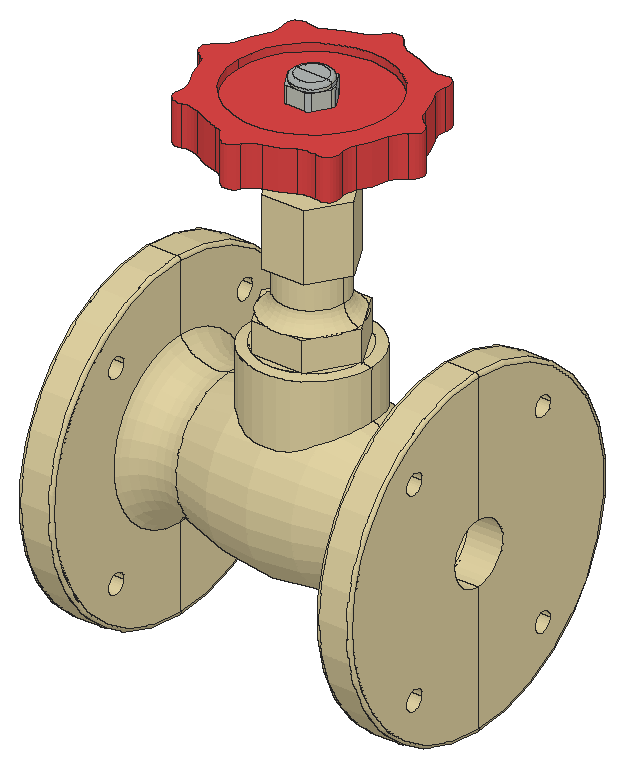
Revit family "DA04170000", category Apparecchi idraulici, Revit 2020
Family settings
  Quota connettore circolare = Usa diametro
  Tipo di parte = Normale
  Numero OmniClass = 23.45.00.00
  Titolo OmniClass = Sanitary, Laundry, and Cleaning Equipment
  Basato su piano di lavoro = No
  Sempre verticale = Sì
  Taglio con vuoti quando caricato = No
  Condiviso = No
  Punto di calcolo locali = No
Parameters
  URL = "https://web.cimberio.com/index.php/figura/11?subcategoria_id="
  Temperatura di esercizio = "-10 ÷ 170°C"
  Prospetto di default = 0 mm
  Produttore = "CIMBERIO SPA"
  Pressione nominale = "PN 16"
  Modello = "Cim *76PN6"
  Materiale = "Prodotto in lega di ottone conforme alla norma EN 12165-CW617N-DW"
  Descrizione = "Utilizzato nei più svariati settori dell’impiantistica ed in ogni applicazione industriale ed agricola dove è richiesta una regolazione: impianti di riscaldamento, idrici, igienico sanitari, aria compressa, reti di distribuzione vapore saturo, olii, benzine, petrolio ed altri idrocarburi e in generale con ogni fluido non corrosivo"
  DN Model [instance] = DA04173110 : DA04173110
  DN [instance] = 16 mm
  Commenti sul tipo = "Realizzato in ottemperanza ai requisiti gestionali della norma EN ISO 9001.\r\nCollaudato al 100% secondo la normativa EN 12266-1"
Reference planes
  plane 1 "Centro (Fronte/Retro)": y = 0
  plane 2: z = 0
  plane 3 "Centro (Sinistra/Destra)": x = 0
Dimensions and locks
  aligned and locked: level to plane 2
Nested families
  nested 1: "DA04173110" at (0, 0, 0), type <- "DN Model", type "DA04173110"
  nested 2: "DA04173110" at (0, 0, 0), type <- "DN Model", type "DA04173110"
  nested 3: "DA04173110" at (0, 0, 0), type <- "DN Model", type "DA04173110"
  nested 4: "DA04173110" at (0, 0, 0), type <- "DN Model", type "DA04173110"
  nested 5: "DA04173110" at (0, 0, 0), type <- "DN Model", type "DA04173110"
  nested 6: "DA04173110" at (0, 0, 0), type <- "DN Model", type "DA04173110"
  nested 7: "DA04173110" at (0, 0, 0), type <- "DN Model", type "DA04173110"
  nested 8: "DA04173110" at (0, 0, 0), type <- "DN Model", type "DA04173110"
  nested 9: "DA04173110" at (0, 0, 0), type <- "DN Model", type "DA04173110"
Connectors
  piping at (41.407, 0, 0), diameter 16, driven by "DN"
    settings: on nested 1, index 1, connector inside diameter 609.6 mm, connector length 0 mm, flow factor 0, pipe flow 0.0 L/s, pressure drop 0.0 Pa, fitting loss kfactor 0, connector angle 0.00°, fixture units 0, engagement length 0 mm, angle of deflection 0.00°, flow configuration 0, flow direction 0, fitting loss method 0, system type 7, joint type 0, gender type 0, connector reference index -1, connector utility 0, adjustable connector no, is connector primary yes, connector description ""
  piping at (-41.232, 0, 0), diameter 16, driven by "DN"
    settings: on nested 1, index 2, connector inside diameter 609.6 mm, connector length 0 mm, flow factor 0, pipe flow 0.0 L/s, pressure drop 0.0 Pa, fitting loss kfactor 0, connector angle 0.00°, fixture units 0, engagement length 0 mm, angle of deflection 0.00°, flow configuration 0, flow direction 0, fitting loss method 0, system type 7, joint type 0, gender type 0, connector reference index -1, connector utility 0, adjustable connector no, is connector primary no, connector description ""
Definition of nested family "DA04173110"
  Parameters (values of type "DA04173110")
    Default Elevation = 0 mm
  Reference planes
    plane 1 "Centro (Fronte/Retro)": y = 0
    plane 2: z = 0
    plane 3 "Centro (Sinistra/Destra)": x = 0
  Forms (mm)
    Revolve 1, solid
      sketch origin (0, 0, 0) x (1, 0, 0) y (0, 0, 1)
        loop
          line (33.343, -7.5) -> (-32.983, -7.5) -> (-32.983, -19.288)
          arc (-32.983, -19.288) -> (-27.734, -14.585) -> (-20.687, -14.614) r 9.811
          arc (-20.687, -14.614) -> (0, -18.5) -> (20.687, -14.614) r 57
          arc (20.687, -14.614) -> (28.136, -14.748) -> (33.343, -20.077) r 9.811
          line (33.343, -20.077) -> (33.343, -7.5)
        axis (-32.983, 2) -> (33.343, 2)
      angle from 0 to 360
    Revolve 2, solid
      sketch origin (0, 0, 0) x (1, 0, 0) y (0, 0, 1)
        loop
          line (-15, 4.172) -> (0, 4.172) -> (0, 32.573) -> (-12.5, 32.573) -> (-15, 32.132) -> (-15, 4.172)
        axis (0, 32.573) -> (0, 4.172)
      angle from 0 to 360
    Extrusion 3, solid
      sketch origin (0, 0, 0) x (0, -1, 0) y (1, 0, 0)
        loop
          line (0, 12.5) -> (-10.825, 6.25) -> (-10.825, -6.25) -> (0, -12.5) -> (10.825, -6.25) -> (10.825, 6.25) -> (0, 12.5)
      from 32.132 to 39.804
    Revolve 4, solid
      sketch origin (0, 0, 3.5) x (1, 0, 0) y (0, 0, 1)
        loop
          line (0, 47.5) -> (-7.95, 47.5) -> (-8.019, 40.572)
          arc (-8.019, 40.572) -> (-9.032, 37.961) -> (-11.29, 36.304) r 5
          line (-11.29, 36.304) -> (0, 36.304) -> (0, 47.5)
        axis (0, 47.5) -> (0, 36.304)
      angle from 0 to 360
    Extrusion 5, solid
      sketch origin (0, 0, 0) x (0, -1, 0) y (1, 0, 0)
        loop
          line (0, -10.4) -> (9.007, -5.2) -> (9.007, 5.2) -> (0, 10.4) -> (-9.007, 5.2) -> (-9.007, -5.2) -> (0, -10.4)
      from 51 to 67.5
    Revolve 6, solid
      sketch origin (0, 0, 12.019) x (1, 0, 0) y (0, 0, 1)
        loop
          line (-8.5, 67) -> (-8.5, 65.001)
          arc (-8.5, 65.001) -> (-8.353, 64.647) -> (-7.999, 64.5) r 0.501
          line (-7.999, 64.5) -> (-4, 64.5) -> (-4, 52.626) -> (0, 52.626) -> (0, 67) -> (-8.5, 67)
        axis (0, 67) -> (0, 52.626)
      angle from 0 to 360
    Extrusion 7, solid
      sketch origin (0, 0, 9.019) x (0.98263, 0.185575, 0) y (-0.185575, 0.98263, 0)
        loop
          spline (-12.624, 22.54) -> (-13.213, 22.77) -> (-13.791, 22.909) -> (-14.346, 22.954) -> (-14.868, 22.904) -> (-15.347, 22.761) -> (-15.773, 22.527) -> (-16.139, 22.206) -> (-16.438, 21.805) -> (-16.663, 21.332) -> (-16.81, 20.794) -> (-16.877, 20.204) -> (-16.863, 19.572)
          arc (-16.863, 19.572) -> (-17.081, 17.552) -> (-18.08, 15.783) r 5.029
          arc (-18.08, 15.783) -> (-20.241, 12.895) -> (-21.945, 9.716) r 24
          arc (-21.945, 9.716) -> (-23.126, 8.063) -> (-24.865, 7.011) r 5.029
          spline (-24.865, 7.011) -> (-25.444, 6.757) -> (-25.951, 6.447) -> (-26.375, 6.086) -> (-26.709, 5.682) -> (-26.946, 5.242) -> (-27.082, 4.775) -> (-27.114, 4.29) -> (-27.042, 3.795) -> (-26.866, 3.301) -> (-26.591, 2.817) -> (-26.221, 2.352) -> (-25.763, 1.916)
          arc (-25.763, 1.916) -> (-24.489, 0.333) -> (-23.945, -1.624) r 5.029
          arc (-23.945, -1.624) -> (-23.431, -5.195) -> (-22.388, -8.648) r 24
          arc (-22.388, -8.648) -> (-22.054, -10.652) -> (-22.54, -12.624) r 5.029
          spline (-22.54, -12.624) -> (-22.77, -13.213) -> (-22.909, -13.791) -> (-22.954, -14.346) -> (-22.904, -14.868) -> (-22.761, -15.347) -> (-22.527, -15.773) -> (-22.206, -16.139) -> (-21.805, -16.438) -> (-21.332, -16.663) -> (-20.794, -16.81) -> (-20.204, -16.877) -> (-19.572, -16.863)
          arc (-19.572, -16.863) -> (-17.552, -17.081) -> (-15.783, -18.08) r 5.029
          arc (-15.783, -18.08) -> (-12.895, -20.241) -> (-9.716, -21.945) r 24
          arc (-9.716, -21.945) -> (-8.081, -23.106) -> (-7.03, -24.813) r 5.029
          spline (-7.03, -24.813) -> (-6.779, -25.402) -> (-6.471, -25.918) -> (-6.111, -26.351) -> (-5.706, -26.693) -> (-5.265, -26.937) -> (-4.795, -27.079) -> (-4.307, -27.115) -> (-3.809, -27.045) -> (-3.312, -26.871) -> (-2.824, -26.595) -> (-2.356, -26.223) -> (-1.916, -25.763)
          arc (-1.916, -25.763) -> (-0.333, -24.489) -> (1.624, -23.945) r 5.029
          arc (1.624, -23.945) -> (5.195, -23.431) -> (8.648, -22.388) r 24
          arc (8.648, -22.388) -> (10.624, -22.053) -> (12.575, -22.516) r 5.029
          spline (12.575, -22.516) -> (13.172, -22.757) -> (13.759, -22.903) -> (14.323, -22.954) -> (14.854, -22.907) -> (15.341, -22.764) -> (15.773, -22.527) -> (16.144, -22.201) -> (16.445, -21.793) -> (16.671, -21.31) -> (16.816, -20.763) -> (16.879, -20.161) -> (16.858, -19.518)
          arc (16.858, -19.518) -> (17.089, -17.526) -> (18.08, -15.783) r 5.029
          arc (18.08, -15.783) -> (20.241, -12.895) -> (21.945, -9.716) r 24
          arc (21.945, -9.716) -> (23.106, -8.081) -> (24.813, -7.03) r 5.029
          spline (24.813, -7.03) -> (25.406, -6.777) -> (25.924, -6.466) -> (26.359, -6.103) -> (26.701, -5.694) -> (26.944, -5.249) -> (27.082, -4.775) -> (27.114, -4.283) -> (27.038, -3.781) -> (26.856, -3.281) -> (26.572, -2.791) -> (26.191, -2.321) -> (25.721, -1.881)
          arc (25.721, -1.881) -> (24.477, -0.309) -> (23.945, 1.624) r 5.029
          arc (23.945, 1.624) -> (23.431, 5.195) -> (22.388, 8.648) r 24
          arc (22.388, 8.648) -> (22.053, 10.624) -> (22.516, 12.575) r 5.029
          spline (22.516, 12.575) -> (22.757, 13.172) -> (22.903, 13.759) -> (22.954, 14.323) -> (22.907, 14.854) -> (22.764, 15.341) -> (22.527, 15.773) -> (22.201, 16.144) -> (21.793, 16.445) -> (21.31, 16.671) -> (20.763, 16.816) -> (20.161, 16.879) -> (19.518, 16.858)
          arc (19.518, 16.858) -> (17.526, 17.089) -> (15.783, 18.08) r 5.029
          arc (15.783, 18.08) -> (12.895, 20.241) -> (9.716, 21.945) r 24
          arc (9.716, 21.945) -> (8.063, 23.126) -> (7.011, 24.865) r 5.029
          spline (7.011, 24.865) -> (6.755, 25.448) -> (6.442, 25.957) -> (6.078, 26.383) -> (5.67, 26.717) -> (5.227, 26.953) -> (4.755, 27.086) -> (4.266, 27.113) -> (3.768, 27.035) -> (3.271, 26.852) -> (2.784, 26.568) -> (2.318, 26.188) -> (1.881, 25.721)
          arc (1.881, 25.721) -> (0.309, 24.477) -> (-1.624, 23.945) r 5.029
          arc (-1.624, 23.945) -> (-5.195, 23.431) -> (-8.648, 22.388) r 24
          arc (-8.648, 22.388) -> (-10.652, 22.054) -> (-12.624, 22.54) r 5.029
      from 70 to 79.915
    Extrusion 8, void
      sketch origin (0, 0, 9.019) x (1, 0, 0) y (0, 1, 0)
        loop
          circle (0, 0) r 18.5
      from 78 to 80.921
    Extrusion 9, solid
      sketch origin (0.001, 0, 9.019) x (0.934965, 0.354741, 0) y (-0.354741, 0.934965, 0)
        loop
          line (-1.377, 5.329) -> (-4.94, 2.419)
          arc (-4.94, 2.419) -> (-5.249, 1.991) -> (-5.302, 1.465) r 1.021
          line (-5.302, 1.465) -> (-4.565, -3.074)
          arc (-4.565, -3.074) -> (-4.349, -3.551) -> (-3.924, -3.858) r 1.012
          line (-3.924, -3.858) -> (0.37, -5.486)
          arc (0.37, -5.486) -> (0.9, -5.54) -> (1.387, -5.321) r 1.03
          line (1.387, -5.321) -> (4.931, -2.427)
          arc (4.931, -2.427) -> (5.246, -1.989) -> (5.3, -1.452) r 1.042
          line (5.3, -1.452) -> (4.567, 3.058)
          arc (4.567, 3.058) -> (4.346, 3.549) -> (3.909, 3.863) r 1.04
          line (3.909, 3.863) -> (-0.382, 5.491)
          arc (-0.382, 5.491) -> (-0.901, 5.543) -> (-1.377, 5.329) r 1.007
      from 78 to 82
    Revolve 10, solid
      sketch origin (0, 0, 8.525) x (1, 0, 0) y (0, 0, 1)
        loop
          line (0, 83.994) -> (0, 81.954) -> (4.75, 81.954) -> (4.75, 82.994)
          arc (4.75, 82.994) -> (4.457, 83.701) -> (3.75, 83.994) r 1
          line (3.75, 83.994) -> (0, 83.994)
        axis (0, 83.994) -> (0, 81.954)
      angle from 0 to 360
    Revolve 11, solid
      sketch origin (-6.732, 0, 0) x (1, 0, 0) y (0, 0, 1)
        loop
          line (-34.5, 39.192) -> (-34.5, 7.5) -> (-26, 7.5) -> (-26, 39.165)
          arc (-26, 39.165) -> (-26.244, 39.756) -> (-26.835, 40) r 0.835
          line (-26.835, 40) -> (-33.692, 40)
          arc (-33.692, 40) -> (-34.263, 39.763) -> (-34.5, 39.192) r 0.808
        axis (-34.5, 0) -> (-26, 0)
      angle from 0 to 360
    Revolve 12, solid
      sketch origin (6.907, 0, 0) x (-1, 0, 0) y (0, 0, 1)
        loop
          line (-34.5, 39.192) -> (-34.5, 7.5) -> (-26, 7.5) -> (-26, 39.165)
          arc (-26, 39.165) -> (-26.244, 39.756) -> (-26.835, 40) r 0.835
          line (-26.835, 40) -> (-33.692, 40)
          arc (-33.692, 40) -> (-34.263, 39.763) -> (-34.5, 39.192) r 0.808
        axis (-34.5, 0) -> (-26, 0)
      angle from 0 to 360
    Extrusion 13, void
      sketch origin (0, 0, 0) x (0, 1, 0) y (0, 0, 1)
        loop
          circle (20, 24.077) r 2.498
        loop
          circle (-20, 24.077) r 2.498
        loop
          circle (20, -24.077) r 2.498
        loop
          circle (-20, -24.077) r 2.498
      from -63.387 to 69.734
  Cuts and joins
    Extrusion 8 cuts Extrusion 7
    Extrusion 13 cuts Revolve 11
    Extrusion 13 cuts Revolve 12
  Dimensions and locks
    aligned and locked: level to plane 2
